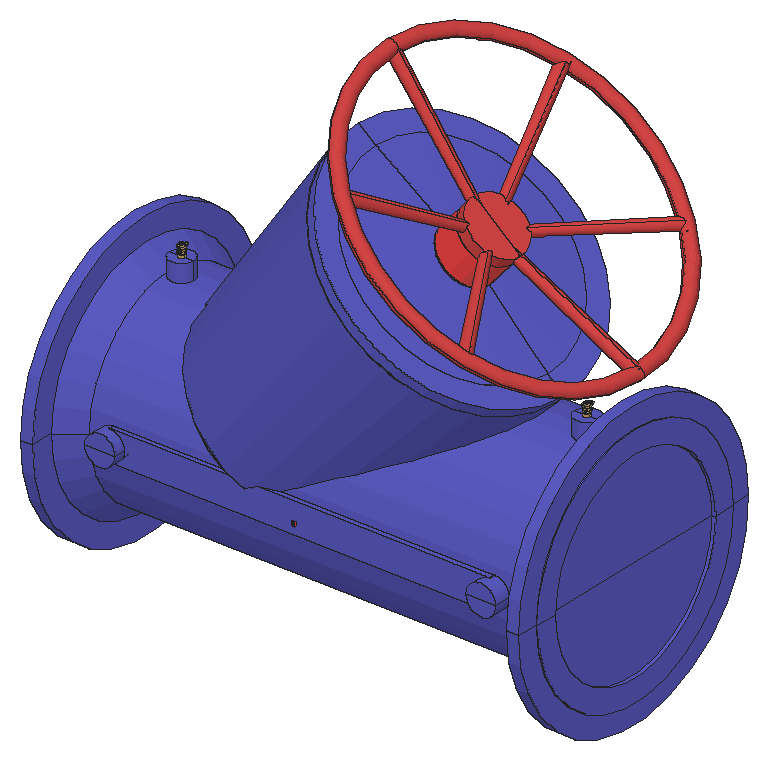
Revit family "HERZ Strömax Commissioning Valve With Test Points, Inclined Body 4220 GF PN25", category Rohrzubehör, Revit 2021
Family settings
  Bemaßung runder Anschluss = Durchmesser verwenden
  Teiletyp = Unterbricht
  OmniClass-Nummer = 23.65.55.14
  OmniClass-Titel = Valves for Liquid Services
  Arbeitsebenenbasiert = Nein
  Immer vertikal = Ja
  Beim Laden mit Abzugskörper schneiden = Nein
  Gemeinsam genutzt = Nein
Parameters
  kvs-value [instance] = if(Nennweite = 350.00 mm, 2917.6, if(Nennweite = 400.00 mm, 3854.8, if(Nennweite = 500.00 mm, 5250.6, 0)))  # 5250.6
  Vorgabe-Ansicht = 0.00 mm
  Part number [instance] = size_lookup("4220_GF_25_", "Artnr", 0, Nennweite)  # 1422092
  Counting device = "plastic material"  # constant formula
  W02 = 60.00°  # constant formula
  W01 = 50.00°  # constant formula
  Valve cone = "ductile iron EN-GJS-400-15 according to EN 1561 / EPDM coated"  # constant formula
  Spindle = "stainless steel"  # constant formula
  S01 [instance] = Nennweite + 10.00 mm  # 510.00 mm
  Regulating spindle = "stainless steel"  # constant formula
  Upper part = "ductile iron EN-GJS-400-15"  # constant formula
  O-Ring = "EPDM"  # constant formula
  Model = "STRÖMAX GF double regulating and commissioning valve with measuring valves, DN 350-500:\r\nbody nodular cast iron GJS 400-15 according to EN 1561, flange according to EN 1092, PN 16 or PN 25, blue enamel.\r\nValve upper part nodular cast iron GJS 400-15, with non-rising spindle, spindle sealing by means of a triple O-ring.\r\nPresetting steps are displayed digitally."
  Min. operating temperature = -10 °C  # constant formula
  Max. operating temperature = 110 °C  # constant formula
  Max. operating pressure = 2500000.0 Pa  # constant formula
  L04 [instance] = size_lookup("4220_GF_25_", "L4", 1.00 mm, Nennweite)  # 255.00 mm
  H11 = 85.00 mm  # constant formula
  H10 [instance] = H07 + H03  # 720.30 mm
  H08 = 47.00 mm  # constant formula
  H07 = 50.00 mm  # constant formula
  H06 = 27.00 mm  # constant formula
  H05 [instance] = H04 + 25.00 mm  # 605.00 mm
  H04 [instance] = size_lookup("4220_GF_25_", "H4", 1.00 mm, Nennweite)  # 580.00 mm
  H03 [instance] = size_lookup("4220_GF_25_", "H3", 1.00 mm, Nennweite)  # 670.30 mm
  Weight [instance] = if(Nennweite = 350.00 mm, "560.0 kg", if(Nennweite = 400.00 mm, "611.0 kg", if(Nennweite = 500.00 mm, "1109.0 kg", "0")))  # "1109.0 kg"
  URL = "www.herzvalves.com"
  SCRNSEQ = "ARM;ARM_TYP=\"STRV\";2"
  SCRNCODE = "05;07;02"  # constant formula
  R02 [instance] = size_lookup("4220_GF_25_", "R2", 1.00 mm, Nennweite)  # 30.00 mm
  R01 [instance] = size_lookup("4220_GF_25_", "R1", 1.00 mm, Nennweite)  # 37.50 mm
  Nennweite [instance] = 500.00 mm
  Medium = "Heating water quality according to ÖNORM H 5195 or VDI guideline 2035.\r\nEthylene and propylene glycol can be used in a ratio of 25-50 vol. [%] are mixed."
  L03 [instance] = size_lookup("4220_GF_25_", "L3", 1.00 mm, Nennweite)  # 505.00 mm
  L02 [instance] = size_lookup("4220_GF_25_", "L2", 1.00 mm, Nennweite)  # 475.00 mm
  L01 [instance] = size_lookup("4220_GF_25_", "L1", 1.00 mm, Nennweite)  # 533.50 mm
  L00 [instance] = size_lookup("4220_GF_25_", "L", 1.00 mm, Nennweite)  # 1250.00 mm
  Hersteller = "HERZ Armaturen Ges.m.b.H."  # constant formula
  H09 [instance] = H03  # 670.30 mm
  H02 [instance] = size_lookup("4220_GF_25_", "H2", 1.00 mm, Nennweite)  # 295.00 mm
  H01 [instance] = size_lookup("4220_GF_25_", "H1", 1.00 mm, Nennweite)  # 292.00 mm
  GT = 10.00 mm  # constant formula
  Field of application = "For hydraulic balancing in heating or cooling systems, regulating and shutting off distribution circuits, heat exchangers, heating and cooling terminals."
  FLL02 [instance] = size_lookup("4220_GF_25_", "FLL2", 1.00 mm, Nennweite)  # 30.00 mm
  FLL01 [instance] = size_lookup("4220_GF_25_", "FLL1", 1.00 mm, Nennweite)  # 4.00 mm
  FLD03 [instance] = size_lookup("4220_GF_25_", "FLD3", 1.00 mm, Nennweite)  # 254.00 mm
  FLD02 [instance] = size_lookup("4220_GF_25_", "FLD2", 1.00 mm, Nennweite)  # 300.00 mm
  FLD01 [instance] = size_lookup("4220_GF_25_", "FLD1", 1.00 mm, Nennweite)  # 305.00 mm
  FLD00 [instance] = size_lookup("4220_GF_25_", "FLD", 1.00 mm, Nennweite)  # 357.50 mm
  Differential pressure measurement = "The STRÖMAX GF double regulating and commissioning valve is equipped with two measuring valves:\r\nIt is possible to measure the differential pressure with suitable measuring devices and to determine the flow rate accordingly."
  DN500 [instance] = Nennweite = 500.00 mm  # yes
  DN400 [instance] = Nennweite = 400.00 mm  # no
  DN350 [instance] = Nennweite = 350.00 mm  # no
  D05 = 75.00 mm  # constant formula
  D04 [instance] = size_lookup("4220_GF_25_", "D4", 1.00 mm, Nennweite)  # 54.00 mm
  D03 [instance] = size_lookup("4220_GF_25_", "D3", 1.00 mm, Nennweite)  # 275.00 mm
  D02 [instance] = D03 - 20.00 mm  # 255.00 mm
  D01 [instance] = size_lookup("4220_GF_25_", "D1", 1.00 mm, Nennweite)  # 334.00 mm
  D00 [instance] = size_lookup("4220_GF_25_", "D", 1.00 mm, Nennweite)  # 278.00 mm
  Body = "ductile iron EN-GJS-400-15"  # constant formula
  BH02 [instance] = -BH01  # -37.50 mm
  BH01 [instance] = size_lookup("4220_GF_25_", "BH1", 1.00 mm, Nennweite)  # 37.50 mm
  Anschluss [instance] = Nennweite / 2  # 250.00 mm
Reference planes
  plane 1 "Mitte (Vorne/hinten)": y = 0
  plane 2: z = 0
  plane 3 "Mitte (Links/rechts)": x = 0
Forms (mm)
  Revolve 1, solid, material "Herz-Marineblau", detail levels fine
    sketch origin (1058.943, 0, 0) x (1, 0, 0) y (0, 1, 0)
      loop
        line (-1679.943, 357.5) -> (-1679.943, 305) -> (-1683.943, 305) -> (-1683.943, 250) -> (-1673.943, 250) -> (-1673.943, 0) -> (-443.943, 0) -> (-443.943, 250) -> (-433.943, 250) -> (-433.943, 305) -> (-437.943, 305) -> (-437.943, 357.5) -> (-467.943, 357.5) -> (-467.943, 300) -> (-525.443, 254)
        arc (-525.443, 254) -> (-1058.943, 278) -> (-1592.443, 254) r 5941.63
        line (-1592.443, 254) -> (-1649.943, 300) -> (-1649.943, 357.5) -> (-1679.943, 357.5)
      axis (-1683.943, 0) -> (-433.943, 0)
    angle from 0 to 360
  Revolve 2, solid, material "Herz-Marineblau", detail levels fine
    sketch origin (0, 0, 0) x (1, 0, 0) y (0, 1, 0)
      loop
        line (-475, 292) -> (-512.5, 292) -> (-512.5, -292) -> (-475, -292) -> (-475, 292)
      axis (-475, 292) -> (-475, -292)
    angle from 0 to 360
  Revolve 3, solid, material "Herz-Marineblau", detail levels fine
    sketch origin (0, 0, 0) x (-1, 0, 0) y (0, 1, 0)
      loop
        line (-475, 292) -> (-512.5, 292) -> (-512.5, -292) -> (-475, -292) -> (-475, 292)
      axis (-475, 292) -> (-475, -292)
    angle from 0 to 360
  Revolve 4, solid, material "Herz-Marineblau", detail levels fine
    sketch origin (0, 0, 0) x (1, 0, 0) y (0, 0, 1)
      loop
        line (-505, 0) -> (-505, 295) -> (-535, 295) -> (-535, 0) -> (-505, 0)
      axis (-505, 295) -> (-505, 0)
    angle from 0 to 360
  Revolve 5, solid, material "Herz-Marineblau", detail levels fine
    sketch origin (0, 0, 0) x (-1, 0, 0) y (0, 0, 1)
      loop
        line (-505, 0) -> (-505, 295) -> (-535, 295) -> (-535, 0) -> (-505, 0)
      axis (-505, 295) -> (-505, 0)
    angle from 0 to 360
  Extrusion 6, solid, material "Herz-Marineblau", visible <- "DN500", detail levels fine
    sketch origin (0, 0, 0) x (1, 0, 0) y (0, 1, 0)
      loop
        arc (-475, -263.998) -> (0, -282.994) -> (475, -263.998) r 5948.094
        line (475, -263.998) -> (475, 263.998)
        arc (475, 263.998) -> (0, 282.994) -> (-475, 263.998) r 5948.094
        line (-475, 263.998) -> (-475, -263.998)
    from -37.5 <- "BH02" to 37.5 <- "BH01"
  Extrusion 7, solid, material "Herz-Marineblau", visible <- "DN400", detail levels fine
    sketch origin (0, 0, 0) x (1, 0, 0) y (0, 1, 0)
      loop
        arc (-410, -209.712) -> (0, -223.005) -> (410, -209.712) r 6329.849
        line (410, -209.712) -> (410, 209.712)
        arc (410, 209.712) -> (0, 223.005) -> (-410, 209.712) r 6329.849
        line (-410, 209.712) -> (-410, -209.712)
    from -37.5 <- "BH02" to 37.5 <- "BH01"
  Extrusion 8, solid, material "Herz-Marineblau", visible <- "DN350", detail levels fine
    sketch origin (0, 0, 0) x (1, 0, 0) y (0, 1, 0)
      loop
        arc (-390, -185.916) -> (0, -255.071) -> (390, -185.916) r 1134.286
        line (390, -185.916) -> (390, 185.916)
        arc (390, 185.916) -> (0, 255.071) -> (-390, 185.916) r 1134.286
        line (-390, 185.916) -> (-390, -185.916)
    from -37.5 <- "BH02" to 37.5 <- "BH01"
  Revolve 9, solid, material "Herz-Marineblau", detail levels fine
    sketch origin (0, 0, 0) x (1, 0, 0) y (0, 0, 1)
      loop
        line (-255, 0) -> (175.861, 513.48) -> (-79.998, 728.171) -> (-407.619, 245.94) -> (-408.367, 213.934) -> (-255, 0)
      axis (-255, 0) -> (175.861, 513.48)
    angle from 0 to 360
  Revolve 10, solid, material "Herz-Marineblau", detail levels fine
    sketch origin (0, 0, 0) x (1, 0, 0) y (0, 0, 1)
      loop
        line (175.861, 513.48) -> (208, 551.782) -> (150.547, 599.991) -> (148.618, 597.693)
        arc (148.618, 597.693) -> (66.389, 659.883) -> (-21.277, 714.143) r 1105.603
        line (-21.277, 714.143) -> (-62.643, 748.854) -> (-79.998, 728.171) -> (175.861, 513.48)
      axis (208, 551.782) -> (175.861, 513.48)
    angle from 0 to 360
  Revolve 11, solid, material "Kunsstoff rot", detail levels fine
    sketch origin (0, 0, 0) x (1, 0, 0) y (0, 0, 1)
      loop
        line (208, 551.782) -> (262.637, 616.896) -> (205.184, 665.105) -> (150.547, 599.991) -> (208, 551.782)
      axis (262.637, 616.896) -> (208, 551.782)
    angle from 0 to 360
Lines and regions (mm)
  model lines, detail levels coarse+medium
    curve 1: line (-625, 0, 357.5) -> (-625, 0, -357.5)
    curve 2: line (-625, 0, -357.5) -> (625, 0, 357.5)
    curve 3: line (625, 0, 357.5) -> (625, 0, -357.5)
    curve 4: line (625, 0, -357.5) -> (-625, 0, 357.5)
    curve 5: line (0, 0, 0) -> (386.998, 0, 670.3)
    curve 6: line (166.161, 0, 797.8) -> (607.834, 0, 542.8)
    curve 7: line (-625, 357.5, 0) -> (-625, -357.5, 0)
    curve 8: line (-625, -357.5, 0) -> (625, 357.5, 0)
    curve 9: line (625, 357.5, 0) -> (625, -357.5, 0)
    curve 10: line (625, -357.5, 0) -> (-625, 357.5, 0)
    curve 11: line (0, 0, 0) -> (386.998, 670.3, 0)
    curve 12: line (166.161, 797.8, 0) -> (607.834, 542.8, 0)
Dimensions and locks
  "FLD00": plane 1 "Mitte (Vorne/hinten)" to Revolve 1 sketch curve
  "FLD01": plane 1 "Mitte (Vorne/hinten)" to Revolve 1 sketch curve
  "FLD02": plane 1 "Mitte (Vorne/hinten)" to Revolve 1 sketch curve  (x2)
  "FLD03": plane 1 "Mitte (Vorne/hinten)" to Revolve 1 sketch curve  (x2)
  "GT": Revolve 1 sketch curve to Revolve 1 sketch curve  (x2)
  "FLL01": Revolve 1 sketch curve to Revolve 1 sketch curve  (x2)
  "FLL02": Revolve 1 sketch curve to Revolve 1 sketch curve  (x2)
  equal spacing: Revolve 1 sketch curve, plane 3 "Mitte (Links/rechts)", Revolve 1 sketch curve
  "Anschluss": Revolve 1 sketch curve to plane 1 "Mitte (Vorne/hinten)"
  "Anschluss": plane 1 "Mitte (Vorne/hinten)" to Revolve 1 sketch curve
  "FLD01": Revolve 1 sketch curve to plane 1 "Mitte (Vorne/hinten)"
  "FLD00": Revolve 1 sketch curve to plane 1 "Mitte (Vorne/hinten)"
  "L00": Revolve 1 sketch curve to Revolve 1 sketch curve
  "D00": plane 1 "Mitte (Vorne/hinten)" to Revolve 1 sketch curve
  "L01": Revolve 1 sketch curve to plane 3 "Mitte (Links/rechts)" to Revolve 1 sketch curve
  "L02": Revolve 2 sketch curve to plane 3 "Mitte (Links/rechts)"
  "R01": Revolve 2 sketch curve to Revolve 2 sketch curve
  "H01": Revolve 2 sketch curve to plane 1 "Mitte (Vorne/hinten)" to Revolve 2 sketch curve
  "L02": plane 3 "Mitte (Links/rechts)" to Revolve 3 sketch curve
  "R01": Revolve 3 sketch curve to Revolve 3 sketch curve
  "H01": Revolve 3 sketch curve to plane 1 "Mitte (Vorne/hinten)" to Revolve 3 sketch curve
  "L03": plane 3 "Mitte (Links/rechts)" to Revolve 4 sketch curve
  "R02": Revolve 4 sketch curve to Revolve 4 sketch curve
  "H02": Revolve 4 sketch curve to plane 2
  "R02": Revolve 5 sketch curve to Revolve 5 sketch curve
  "L03": Revolve 5 sketch curve to plane 3 "Mitte (Links/rechts)"
  "H02": Revolve 5 sketch curve to plane 2
  "L03": plane 3 "Mitte (Links/rechts)" to nested 1
  "L03": nested 2 to plane 3 "Mitte (Links/rechts)"
  "H02": nested 1 to plane 2
  "H02": nested 2 to plane 2
  "FLD00": curve 4 to plane 2 to curve 2
  "FLD00": curve 3 to plane 2 to curve 4
  equal spacing: curve 1, plane 3 "Mitte (Links/rechts)", curve 3
  "L00": curve 1 to curve 3
  "H09": curve 5 to plane 2
  equal spacing: curve 1, curve 5, curve 3
  equal spacing: curve 6, curve 5, curve 6
  "S01": curve 6 to curve 6
  "FLD00": curve 8 to plane 1 "Mitte (Vorne/hinten)" to curve 10
  "FLD00": curve 10 to plane 1 "Mitte (Vorne/hinten)" to curve 9
  equal spacing: curve 7, plane 3 "Mitte (Links/rechts)", curve 9
  "L00": curve 7 to curve 9
  equal spacing: curve 7, curve 11, curve 9
  "H09": plane 1 "Mitte (Vorne/hinten)" to curve 11
  equal spacing: curve 12, curve 11, curve 12
  "S01": curve 12 to curve 12
  "L04": plane 3 "Mitte (Links/rechts)" to Revolve 9 sketch curve  (x2)
  "H03": Revolve 9 sketch curve to Revolve 9 sketch curve
  "D02": Revolve 9 sketch curve to Revolve 9 sketch curve
  "H05": Revolve 9 sketch curve to Revolve 9 sketch curve
  "H04": Revolve 9 sketch curve to Revolve 9 sketch curve
  "D03": Revolve 9 sketch curve to Revolve 9 sketch curve
  "H03": Revolve 10 sketch curve to Revolve 10 sketch curve
  "D01": Revolve 10 sketch curve to Revolve 10 sketch curve  (x2)
  "D04": Revolve 10 sketch curve to Revolve 10 sketch curve
  "D05": Revolve 10 sketch curve to Revolve 10 sketch curve
  "H06": Revolve 9 to Revolve 10 sketch curve
  "H07": Revolve 9 to Revolve 10 sketch curve
  "H08": Revolve 9 to Revolve 10 sketch curve
  "L04": plane 3 "Mitte (Links/rechts)" to Revolve 10 sketch curve
  "D01": Revolve 9 sketch curve to Revolve 9 sketch curve
  "L04": plane 3 "Mitte (Links/rechts)" to Revolve 11 sketch curve
  "H11": Revolve 10 to Revolve 11 sketch curve
  "D05": Revolve 11 sketch curve to Revolve 11 sketch curve  (x2)
  "H10": Revolve 11 sketch curve to Revolve 11 sketch curve
  "W02": angle plane 2 to curve 5
  "W02": angle plane 1 "Mitte (Vorne/hinten)" to curve 11
  "W01": angle plane 2 to Revolve 9 sketch curve  (x2)
  "W01": angle plane 2 to Revolve 10 sketch curve  (x2)
  "W01": angle plane 2 to Revolve 11 sketch curve  (x2)
  aligned and locked: level to plane 2
Automatic sketch dimensions
  Extrusion 6 sketch curve to plane 3 "Mitte (Links/rechts)" = 0.00 mm  (x2)
  plane 1 "Mitte (Vorne/hinten)" to Extrusion 6 sketch curve = 263.998 mm
  Extrusion 6 sketch curve to plane 3 "Mitte (Links/rechts)" = 475.00 mm
  Extrusion 6 sketch curve to Extrusion 6 sketch curve = 5401.102 mm
  Extrusion 6 sketch curve to plane 1 "Mitte (Vorne/hinten)" = 5665.10 mm
  Extrusion 6 sketch curve to plane 1 "Mitte (Vorne/hinten)" = 263.998 mm  (x2)
  Extrusion 7 sketch curve to plane 3 "Mitte (Links/rechts)" = 0.00 mm  (x2)
  plane 1 "Mitte (Vorne/hinten)" to Extrusion 7 sketch curve = 209.712 mm  (x2)
  Extrusion 7 sketch curve to plane 3 "Mitte (Links/rechts)" = 410.00 mm
  Extrusion 7 sketch curve to Extrusion 7 sketch curve = 5897.131 mm
  Extrusion 7 sketch curve to plane 1 "Mitte (Vorne/hinten)" = 6106.844 mm
  Extrusion 7 sketch curve to plane 1 "Mitte (Vorne/hinten)" = 209.712 mm
  Extrusion 8 sketch curve to plane 3 "Mitte (Links/rechts)" = 0.00 mm  (x2)
  plane 1 "Mitte (Vorne/hinten)" to Extrusion 8 sketch curve = 185.916 mm
  Extrusion 8 sketch curve to plane 3 "Mitte (Links/rechts)" = 390.00 mm
  Extrusion 8 sketch curve to Extrusion 8 sketch curve = 693.298 mm
  Extrusion 8 sketch curve to plane 1 "Mitte (Vorne/hinten)" = 879.214 mm
  Extrusion 8 sketch curve to plane 1 "Mitte (Vorne/hinten)" = 185.916 mm  (x2)
  plane 1 "Mitte (Vorne/hinten)" to Revolve 1 sketch curve = 0.00 mm  (x2)
  Revolve 1 sketch curve to Revolve 1 sketch curve = 35.00 mm
  Revolve 1 sketch curve to Revolve 1 sketch curve = 40.00 mm
  Revolve 2 sketch curve to Revolve 2 sketch curve = 0.00 mm  (x3)
  Revolve 3 sketch curve to Revolve 3 sketch curve = 0.00 mm  (x3)
  Revolve 4 sketch curve to level = 0.00 mm  (x2)
  Revolve 4 sketch curve to Revolve 4 sketch curve = 0.00 mm  (x2)
  Revolve 5 sketch curve to level = 0.00 mm  (x2)
  Revolve 5 sketch curve to Revolve 5 sketch curve = 0.00 mm  (x2)
  Revolve 9 sketch curve to level = 0.00 mm  (x2)
  Revolve 10 sketch curve to level = 0.00 mm
  Revolve 10 sketch curve to level = 252.062 mm
  Revolve 11 sketch curve to level = 0.00 mm
Nested families
  nested 1: "Messstutzen_Band_Eintritt_senkrecht_(oben)" at (-505, 0, 286), type "Messstutzen_Band_Eintritt_senkrecht_(oben)", detail levels fine
    with Schutzkappe yes, Nennweite 0.00 mm, Gewicht 0.00 kg, Bestellnummer 0
  nested 2: "Messstutzen_Band_Austritt_senkrecht_(oben)" at (505, 0, 286), type "Messstutzen_Band_Austritt_senkrecht_(oben)", detail levels fine
    with Schutzkappe yes, Nennweite 0.00 mm, Gewicht 0.00 kg, Bestellnummer 0
  nested 3: "Herz-Logo-vorne" at (0, -282.994, 0) x (0, 1, 0) z (0, 0, 1), visible <- "DN500", type "Herz-Logo-vorne", detail levels fine
  nested 4: "Herz-Logo-vorne" at (0, -221.503, 0) x (0, 1, 0) z (0, 0, 1), visible <- "DN400", type "Herz-Logo-vorne", detail levels fine
  nested 5: "Herz-Logo-vorne" at (0, -255.053, 0) x (0, 1, 0) z (0, 0, 1), visible <- "DN350", type "Herz-Logo-vorne", detail levels fine
  nested 6: "Strangregulierventil-Handrad_VOLL-Schräg (Rot) DN350-DN400" at (211.704, 0, 501.376), visible <- "DN350", type "Strangregulierventil-Handrad_VOLL-Schräg (Rot) DN350-DN400"
    with DN300 yes
  nested 7: "Strangregulierventil-Handrad_VOLL-Schräg (Rot) DN350-DN400" at (230.272, 0, 547.339), visible <- "DN400", type "Strangregulierventil-Handrad_VOLL-Schräg (Rot) DN350-DN400"
    with DN300 yes
  nested 8: "Strangregulierventil-Handrad_VOLL-Schräg (Rot) DN500" at (262.637, 0, 616.896), visible <- "DN500", type "Strangregulierventil-Handrad_VOLL-Schräg (Rot) DN500", detail levels fine
    with DN300 yes
Connectors
  piping at (-625, 0, 0), diameter 500, driven by "Nennweite"
    settings: on Revolve 1, index 1, connector inside diameter 609.6 mm, connector length 0.00 mm, flow factor 0, pipe flow 0.0 L/s, pressure drop 0.0 Pa, fitting loss kfactor 0, connector angle 0.00°, fixture units 0, engagement length 0.00 mm, angle of deflection 0.00°, flow configuration 0, flow direction 1, fitting loss method 0, system type 29, joint type 0, gender type 0, connector reference index -1, connector utility 0, adjustable connector no, is connector primary yes, connector description ""
  piping at (625, 0, 0), diameter 500, driven by "Nennweite"
    settings: on Revolve 1, index 2, connector inside diameter 609.6 mm, connector length 0.00 mm, flow factor 0, pipe flow 0.0 L/s, pressure drop 0.0 Pa, fitting loss kfactor 0, connector angle 0.00°, fixture units 0, engagement length 0.00 mm, angle of deflection 0.00°, flow configuration 0, flow direction 2, fitting loss method 0, system type 29, joint type 0, gender type 0, connector reference index -1, connector utility 0, adjustable connector no, is connector primary no, connector description ""
Definition of nested family "Messstutzen_Band_Eintritt_senkrecht_(oben)"
  Parameters (values of type "Messstutzen_Band_Eintritt_senkrecht_(oben)")
    Default Elevation = 0.00 mm
    URL = "www.herz-armaturen.at"
    Schutzkappe [instance] = yes
    Nennweite [instance] = 0.00 mm
    Manufacturer = "Herz Armaturen GmbH"  # constant formula
    Gewicht [instance] = 0.00 kg
    Bestellnummer [instance] = 0
  Reference planes
    plane 1 "Mitte (Vorne/hinten)": y = 0
    plane 2: z = 0
    plane 3 "Mitte (Links/rechts)": x = 0
    plane 4 "Schlaufe 1": z = -27
    plane 5 "Schlaufe 2": z = -31.678
  Forms (mm)
    Revolve 1, solid, detail levels fine
      sketch origin (0, 0, 0) x (1, 0, 0) y (0, 0, 1)
        loop
          line (-7.4, 9) -> (-5.55, 9) -> (-5.55, 6)
          arc (-5.55, 6) -> (-5.626, 5.617) -> (-5.843, 5.293) r 1
          line (-5.843, 5.293) -> (-6.455, 4.681) -> (-6.455, 0.9) -> (-5.555, 0) -> (-2, 0) -> (-2, 17.5) -> (-8.4, 17.5)
          arc (-8.4, 17.5) -> (-7.693, 17.207) -> (-7.4, 16.5) r 1
          line (-7.4, 16.5) -> (-7.4, 9)
        loop
          line (-3.7, 27) -> (-7.3, 27) -> (-7.9, 26.4) -> (-7.9, 23) -> (-2, 23) -> (-2, 35.8) -> (-3.805, 35.8) -> (-4.415, 35.19) -> (-4.415, 30.863) -> (-3.7, 30.45) -> (-3.7, 27)
        axis (0, 0) -> (0, 35.8)
      angle from 0 to 360
    Extrusion 2, solid, detail levels fine
      sketch origin (0, 0, 17.5) x (0, 1, 0) y (-1, 0, 0)
        loop
          arc (-7.07, 5.156) -> (-7.578, 4.375) -> (-8, 3.544) r 8.75
          line (-8, 3.544) -> (-8, -3.544)
          arc (-8, -3.544) -> (-7.578, -4.375) -> (-7.07, -5.156) r 8.75
          line (-7.07, -5.156) -> (-0.93, -8.7)
          arc (-0.93, -8.7) -> (0, -8.75) -> (0.93, -8.7) r 8.75
          line (0.93, -8.7) -> (7.07, -5.156)
          arc (7.07, -5.156) -> (7.578, -4.375) -> (8, -3.544) r 8.75
          line (8, -3.544) -> (8, 3.544)
          arc (8, 3.544) -> (7.578, 4.375) -> (7.07, 5.156) r 8.75
          line (7.07, 5.156) -> (0.93, 8.7)
          arc (0.93, 8.7) -> (0, 8.75) -> (-0.93, 8.7) r 8.75
          line (-0.93, 8.7) -> (-7.07, 5.156)
      from 0 to 5.5
    Revolve 3, solid, visible <- "Schutzkappe", detail levels fine
      sketch origin (0, 0, 0) x (1, 0, 0) y (0, 0, 1)
        loop
          line (0, 35.878) -> (0, 36.678) -> (-7, 36.678) -> (-7, 33.378) -> (-6.1, 33.378) -> (-6.1, 31.678) -> (-6.9, 31.678) -> (-6.9, 30.178) -> (-4.415, 30.178) -> (-4.415, 35.268) -> (-3.805, 35.878) -> (0, 35.878)
        axis (0, 30.178) -> (0, 36.678)
      angle from 0 to 360
    Extrusion 4, solid, detail levels fine
      sketch origin (0, 0, 28.5) x (1, 0, 0) y (0, 1, 0)
        loop
          circle (0, 0) r 3.7
        loop
          arc (-3.906, 5.505) -> (0, -6.75) -> (3.906, 5.505) r 6.75
          arc (3.906, 5.505) -> (2.358, 7.288) -> (1.8, 9.582) r 5
          line (1.8, 9.582) -> (-1.8, 9.582)
          arc (-1.8, 9.582) -> (-2.358, 7.288) -> (-3.906, 5.505) r 5
      from 0 to -1.5
    Extrusion 5, solid, detail levels fine
      sketch origin (0, 0, 33.178) x (1, 0, 0) y (0, 1, 0)
        loop
          circle (0, 0) r 6.1
        loop
          arc (-4.495, 8.652) -> (0, -9.75) -> (4.495, 8.652) r 9.75
          arc (4.495, 8.652) -> (2.527, 10.493) -> (1.8, 13.089) r 5
          line (1.8, 13.089) -> (-1.8, 13.089)
          arc (-1.8, 13.089) -> (-2.527, 10.493) -> (-4.495, 8.652) r 5
      from 0 to -1.5
    Sweep 6, solid, detail levels fine
      path origin (0, 0, 0) x (0, 0, -1) y (0, -1, 0)
        loop
          line (-27.75, -9.582) -> (-27.75, -14.522)
          arc (-27.75, -14.522) -> (-30.089, -16.862) -> (-32.428, -14.522) r 2.339
          line (-32.428, -14.522) -> (-32.428, -13.089)
      profile origin (0, 12.052, 27.75) x (0, 0, 1) y (1, 0, 0)
        loop
          line (-0.75, -1.8) -> (0.75, -1.8) -> (0.75, 1.8) -> (-0.75, 1.8) -> (-0.75, -1.8)
  Dimensions and locks
    aligned and locked: level to plane 2
Definition of nested family "Messstutzen_Band_Austritt_senkrecht_(oben)"
  Parameters (values of type "Messstutzen_Band_Austritt_senkrecht_(oben)")
    Default Elevation = 0.00 mm
    URL = "www.herz-armaturen.at"
    Schutzkappe [instance] = yes
    Nennweite [instance] = 0.00 mm
    Manufacturer = "Herz Armaturen GmbH"  # constant formula
    Gewicht [instance] = 0.00 kg
    Bestellnummer [instance] = 0
  Reference planes
    plane 1 "Mitte (Vorne/hinten)": y = 0
    plane 2: z = 0
    plane 3 "Mitte (Links/rechts)": x = 0
    plane 4 "Schlaufe 1": z = -27
    plane 5 "Schlaufe 2": z = -31.678
  Forms (mm)
    Revolve 1, solid, detail levels fine
      sketch origin (0, 0, 0) x (1, 0, 0) y (0, 0, 1)
        loop
          line (-7.4, 9) -> (-5.55, 9) -> (-5.55, 6)
          arc (-5.55, 6) -> (-5.626, 5.617) -> (-5.843, 5.293) r 1
          line (-5.843, 5.293) -> (-6.455, 4.681) -> (-6.455, 0.9) -> (-5.555, 0) -> (-2, 0) -> (-2, 17.5) -> (-8.4, 17.5)
          arc (-8.4, 17.5) -> (-7.693, 17.207) -> (-7.4, 16.5) r 1
          line (-7.4, 16.5) -> (-7.4, 9)
        loop
          line (-3.7, 27) -> (-7.3, 27) -> (-7.9, 26.4) -> (-7.9, 23) -> (-2, 23) -> (-2, 35.8) -> (-3.805, 35.8) -> (-4.415, 35.19) -> (-4.415, 30.863) -> (-3.7, 30.45) -> (-3.7, 27)
        axis (0, 0) -> (0, 35.8)
      angle from 0 to 360
    Extrusion 2, solid, detail levels fine
      sketch origin (0, 0, 17.5) x (0, 1, 0) y (-1, 0, 0)
        loop
          arc (-7.07, 5.156) -> (-7.578, 4.375) -> (-8, 3.544) r 8.75
          line (-8, 3.544) -> (-8, -3.544)
          arc (-8, -3.544) -> (-7.578, -4.375) -> (-7.07, -5.156) r 8.75
          line (-7.07, -5.156) -> (-0.93, -8.7)
          arc (-0.93, -8.7) -> (0, -8.75) -> (0.93, -8.7) r 8.75
          line (0.93, -8.7) -> (7.07, -5.156)
          arc (7.07, -5.156) -> (7.578, -4.375) -> (8, -3.544) r 8.75
          line (8, -3.544) -> (8, 3.544)
          arc (8, 3.544) -> (7.578, 4.375) -> (7.07, 5.156) r 8.75
          line (7.07, 5.156) -> (0.93, 8.7)
          arc (0.93, 8.7) -> (0, 8.75) -> (-0.93, 8.7) r 8.75
          line (-0.93, 8.7) -> (-7.07, 5.156)
      from 0 to 5.5
    Revolve 3, solid, visible <- "Schutzkappe", detail levels fine
      sketch origin (0, 0, 0) x (1, 0, 0) y (0, 0, 1)
        loop
          line (0, 35.878) -> (0, 36.678) -> (-7, 36.678) -> (-7, 33.378) -> (-6.1, 33.378) -> (-6.1, 31.678) -> (-6.9, 31.678) -> (-6.9, 30.178) -> (-4.415, 30.178) -> (-4.415, 35.268) -> (-3.805, 35.878) -> (0, 35.878)
        axis (0, 30.178) -> (0, 36.678)
      angle from 0 to 360
    Extrusion 4, solid, detail levels fine
      sketch origin (0, 0, 28.5) x (1, 0, 0) y (0, 1, 0)
        loop
          circle (0, 0) r 3.7
        loop
          arc (-3.906, 5.505) -> (0, -6.75) -> (3.906, 5.505) r 6.75
          arc (3.906, 5.505) -> (2.358, 7.288) -> (1.8, 9.582) r 5
          line (1.8, 9.582) -> (-1.8, 9.582)
          arc (-1.8, 9.582) -> (-2.358, 7.288) -> (-3.906, 5.505) r 5
      from 0 to -1.5
    Extrusion 5, solid, detail levels fine
      sketch origin (0, 0, 33.178) x (1, 0, 0) y (0, 1, 0)
        loop
          circle (0, 0) r 6.1
        loop
          arc (-4.495, 8.652) -> (0, -9.75) -> (4.495, 8.652) r 9.75
          arc (4.495, 8.652) -> (2.527, 10.493) -> (1.8, 13.089) r 5
          line (1.8, 13.089) -> (-1.8, 13.089)
          arc (-1.8, 13.089) -> (-2.527, 10.493) -> (-4.495, 8.652) r 5
      from 0 to -1.5
    Sweep 6, solid, detail levels fine
      path origin (0, 0, 0) x (0, 0, -1) y (0, -1, 0)
        loop
          line (-27.75, -9.582) -> (-27.75, -14.522)
          arc (-27.75, -14.522) -> (-30.089, -16.862) -> (-32.428, -14.522) r 2.339
          line (-32.428, -14.522) -> (-32.428, -13.089)
      profile origin (0, 12.052, 27.75) x (0, 0, 1) y (1, 0, 0)
        loop
          line (-0.75, -1.8) -> (0.75, -1.8) -> (0.75, 1.8) -> (-0.75, 1.8) -> (-0.75, -1.8)
  Dimensions and locks
    aligned and locked: level to plane 2
Definition of nested family "Herz-Logo-vorne"
  Parameters (values of type "Herz-Logo-vorne")
    Default Elevation = 0.00 mm
  Reference planes
    plane 1 "Mitte (Vorne/hinten)": y = 0
    plane 2: z = 0
    plane 3 "Mitte (Links/rechts)": x = 0
  Forms (mm)
    Extrusion 1, solid
      sketch origin (0.732, -0.018, 0.017) x (0, -1, 0) y (0, 0, 1)
        loop
          line (-0.018, -4.517) -> (4.482, -4.517) -> (4.482, 4.483) -> (-4.518, 4.483) -> (-4.518, -4.517) -> (-0.018, -4.517)
        loop
          line (-0.05, -3.48) -> (3.482, -3.48) -> (3.482, 3.483) -> (-3.518, 3.483) -> (-3.518, -3.48) -> (-0.05, -3.48)
        loop
          arc (-0.018, 2.383) -> (-1.543, 3.287) -> (-3.067, 2.383) r 1.738
          arc (-3.067, 2.383) -> (-3.191, 1.899) -> (-3.067, 1.415) r 1.009
          line (-3.067, 1.415) -> (-0.018, -3.281) -> (3.032, 1.415)
          arc (3.032, 1.415) -> (3.156, 1.899) -> (3.032, 2.383) r 1.009
          arc (3.032, 2.383) -> (1.507, 3.287) -> (-0.018, 2.383) r 1.738
        loop
          arc (1.885, 1.272) -> (2.005, 1.675) -> (1.885, 2.079) r 0.74
          arc (1.885, 2.079) -> (1.265, 2.416) -> (0.644, 2.079) r 0.74
          line (0.644, 2.079) -> (-0.018, 0.97) -> (-0.679, 2.079)
          arc (-0.679, 2.079) -> (-1.3, 2.416) -> (-1.921, 2.079) r 0.74
          arc (-1.921, 2.079) -> (-2.04, 1.675) -> (-1.921, 1.272) r 0.74
          line (-1.921, 1.272) -> (-0.018, -1.658) -> (1.885, 1.272)
      from 0 to 1.5
  Dimensions and locks
    aligned and locked: level to plane 2
Definition of nested family "Strangregulierventil-Handrad_VOLL-Schräg (Rot) DN350-DN400"
  Parameters (values of type "Strangregulierventil-Handrad_VOLL-Schräg (Rot) DN350-DN400")
    Default Elevation = 0.00 mm
    DN300 [instance] = yes
  Reference planes
    plane 1 "Mitte (Vorne/hinten)": y = 0
    plane 2: z = 0
    plane 3 "Mitte (Links/rechts)": x = 0
  Forms (mm)
    Revolve 1, solid, detail levels fine
      sketch origin (0, 0, 0) x (0.766044, 0, -0.642788) y (0.642788, 0, 0.766044)
        loop
          line (0, 0) -> (0, 30) -> (-75, 30) -> (-75, 0) -> (0, 0)
        loop
          line (-316.85, 58.85) -> (-316.85, 42.85) -> (-280.85, 42.85) -> (-280.85, 58.85)
          arc (-280.85, 58.85) -> (-298.85, 76.85) -> (-316.85, 58.85) r 18
        axis (0, 58.85) -> (0, 0)
      angle from 0 to 360
    Revolve 2, solid, detail levels fine
      sketch origin (0, 0, 0) x (0.766044, 0, -0.642788) y (0.642788, 0, 0.766044)
        loop
          line (299.245, 74.817) -> (49.107, 26.195) -> (50.831, 16.343) -> (301.153, 65.001) -> (299.245, 74.817)
        axis (50.832, 16.338) -> (301.154, 64.996)
      angle from 0 to 360
    Revolve 3, solid, detail levels fine
      sketch origin (0, 0, 0) x (0.236721, 0.951057, -0.198632) y (0.642788, 0, 0.766044)
        loop
          line (299.245, 74.817) -> (49.107, 26.195) -> (50.831, 16.343) -> (301.153, 65.001) -> (299.245, 74.817)
        axis (50.832, 16.338) -> (301.154, 64.996)
      angle from 0 to 360
    Revolve 4, solid, detail levels fine
      sketch origin (0, 0, 0) x (-0.619743, 0.587785, 0.520026) y (0.642788, 0, 0.766044)
        loop
          line (299.245, 74.817) -> (49.107, 26.195) -> (50.831, 16.343) -> (301.153, 65.001) -> (299.245, 74.817)
        axis (50.832, 16.338) -> (301.154, 64.996)
      angle from 0 to 360
    Revolve 5, solid, detail levels fine
      sketch origin (0, 0, 0) x (-0.619743, -0.587785, 0.520026) y (0.642788, 0, 0.766044)
        loop
          line (299.245, 74.817) -> (49.107, 26.195) -> (50.831, 16.343) -> (301.153, 65.001) -> (299.245, 74.817)
        axis (50.832, 16.338) -> (301.154, 64.996)
      angle from 0 to 360
    Revolve 6, solid, detail levels fine
      sketch origin (0, 0, 0) x (0.236721, -0.951057, -0.198632) y (0.642788, 0, 0.766044)
        loop
          line (299.245, 74.817) -> (49.107, 26.195) -> (50.831, 16.343) -> (301.153, 65.001) -> (299.245, 74.817)
        axis (50.832, 16.338) -> (301.154, 64.996)
      angle from 0 to 360
  Dimensions and locks
    Revolve 1 sketch curve to plane 2 = 255.179 mm
    Revolve 1 sketch curve to Revolve 1 sketch curve = 30.00 mm
    aligned and locked: level to plane 2
Definition of nested family "Strangregulierventil-Handrad_VOLL-Schräg (Rot) DN500"
  Parameters (values of type "Strangregulierventil-Handrad_VOLL-Schräg (Rot) DN500")
    Default Elevation = 0.00 mm
    DN300 [instance] = yes
  Reference planes
    plane 1 "Mitte (Vorne/hinten)": y = 0
    plane 2: z = 0
    plane 3 "Mitte (Links/rechts)": x = 0
  Forms (mm)
    Revolve 1, solid, detail levels fine
      sketch origin (0, 0, 0) x (0.766044, 0, -0.642788) y (0.642788, 0, 0.766044)
        loop
          line (0, 0) -> (0, 30) -> (-75, 30) -> (-75, 0) -> (0, 0)
        loop
          circle (-400, 94.75) r 16.85
        axis (0, 94.75) -> (0, 0)
      angle from 0 to 360
    Revolve 2, solid, detail levels fine
      sketch origin (0, 0, 0) x (0.766044, 0, -0.642788) y (0.642788, 0, 0.766044)
        loop
          line (400.44, 94.852) -> (397.067, 109.46) -> (48.97, 25.68) -> (51.251, 14.235) -> (400.44, 94.852)
        axis (51.251, 14.235) -> (400.44, 94.852)
      angle from 0 to 360
    Revolve 3, solid, detail levels fine
      sketch origin (0, 0, 0) x (0.383022, 0.866025, -0.321394) y (0.642788, 0, 0.766044)
        loop
          line (400.44, 94.852) -> (397.067, 109.46) -> (48.97, 25.68) -> (51.251, 14.235) -> (400.44, 94.852)
        axis (51.251, 14.235) -> (400.44, 94.852)
      angle from 0 to 360
    Revolve 4, solid, detail levels fine
      sketch origin (0, 0, 0) x (-0.383022, 0.866025, 0.321394) y (0.642788, 0, 0.766044)
        loop
          line (400.44, 94.852) -> (397.067, 109.46) -> (48.97, 25.68) -> (51.251, 14.235) -> (400.44, 94.852)
        axis (51.251, 14.235) -> (400.44, 94.852)
      angle from 0 to 360
    Revolve 5, solid, detail levels fine
      sketch origin (0, 0, 0) x (-0.766044, 0, 0.642788) y (0.642788, 0, 0.766044)
        loop
          line (400.44, 94.852) -> (397.067, 109.46) -> (48.97, 25.68) -> (51.251, 14.235) -> (400.44, 94.852)
        axis (51.251, 14.235) -> (400.44, 94.852)
      angle from 0 to 360
    Revolve 6, solid, detail levels fine
      sketch origin (0, 0, 0) x (-0.383022, -0.866025, 0.321394) y (0.642788, 0, 0.766044)
        loop
          line (400.44, 94.852) -> (397.067, 109.46) -> (48.97, 25.68) -> (51.251, 14.235) -> (400.44, 94.852)
        axis (51.251, 14.235) -> (400.44, 94.852)
      angle from 0 to 360
    Revolve 7, solid, detail levels fine
      sketch origin (0, 0, 0) x (0.383022, -0.866025, -0.321394) y (0.642788, 0, 0.766044)
        loop
          line (400.44, 94.852) -> (397.067, 109.46) -> (48.97, 25.68) -> (51.251, 14.235) -> (400.44, 94.852)
        axis (51.251, 14.235) -> (400.44, 94.852)
      angle from 0 to 360
  Dimensions and locks
    Revolve 1 sketch curve to Revolve 1 sketch curve = 30.00 mm
    Revolve 1 sketch curve to Revolve 1 sketch curve = 416.85 mm
    Revolve 1 sketch curve to level = 346.548 mm
    Revolve 1 sketch curve to Revolve 1 sketch curve = 75.00 mm
    aligned and locked: level to plane 2
